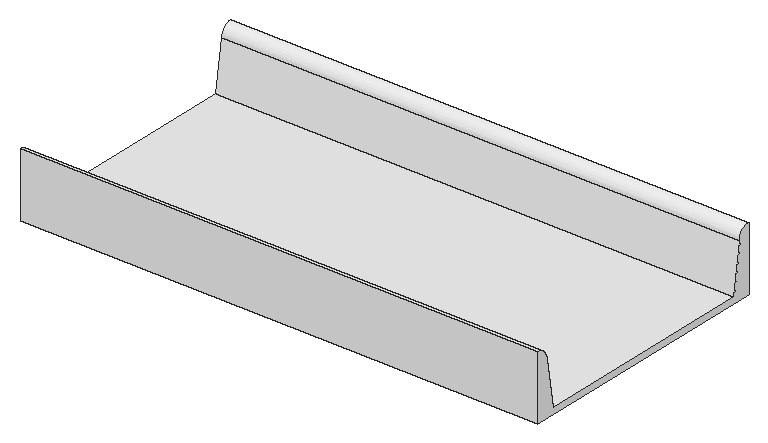
Revit family "M_Enrijecedor Linear-Guia", category Enrijecedores estruturais, Revit 2019
Family settings
  Número OmniClass = 23.25.30.11.27
  Título OmniClass = Vibration and Earthquake Controls
  ID de item do Seek = Linear Stiffener-Channel-0000-CAN-ENU
  Corte com vazios quando carregada = Não
  Compartilhado = Não
Parameters (values of type "C310X30.8")
  x = 17.7 mm
  tw = 7.2 mm
  tf = 12.7 mm
  d = 305 mm
  bf = 74.7 mm
  W = 0.302
  Material de enrijecedor [instance] = Metal - Aço 345 MPa
  built-in parameter 1001306 [instance] = 600 mm
  A = 3920.00 m²
Reference planes
  plane 1 "Centro (Frente/Trás)": y = 19.971
  plane 2: z = 0
  plane 3 "Esquerda": x = 0
  plane 4 "Direita": x = 600
  plane 5: y = 7.271
  plane 6: y = -285.029
  plane 7: z = 7.2
  plane 8: z = 17.7
  plane 9: z = 74.7
  plane 10: y = -132.529
  plane 11: y = -272.329
Forms (mm)
  Sweep 1, solid, material "Metal - Aço 345 MPa" <- "Material de enrijecedor", detail levels fine
    path in 3D
      loop
        line (0, 19.971, 0) -> (600, 19.971, 0)
    profile origin (300, 19.971, 0) x (0, 1, 0) y (0, 0, 1)
      loop
        arc (0, 74.7) -> (-8.98, 70.98) -> (-12.7, 62) r 12.7
        line (-12.7, 62) -> (-21.379, 7.2) -> (-283.621, 7.2) -> (-292.3, 62)
        arc (-292.3, 62) -> (-296.02, 70.98) -> (-305, 74.7) r 12.7
        line (-305, 74.7) -> (-305, 0) -> (0, 0) -> (0, 74.7)
  Sweep 2, solid, material "Metal - Aço 345 MPa" <- "Material de enrijecedor", detail levels medium
    path in 3D
      loop
        line (0, 19.971, 0) -> (600, 19.971, 0)
    profile origin (300, 19.971, 0) x (0, 1, 0) y (0, 0, 1)
      loop
        line (0, 74.7) -> (-12.7, 74.7) -> (-18.605, 7.2) -> (-286.395, 7.2) -> (-292.3, 74.7) -> (-305, 74.7) -> (-305, 0) -> (0, 0) -> (0, 74.7)
Lines and regions (mm)
  reference lines
    curve 1: line (0, 19.971, 0) -> (600, 19.971, 0)
  sketch lines
    curve 2: line (0, 19.971, 0) -> (600, 19.971, 0)
    curve 3: line (0, 19.971, 0) -> (600, 19.971, 0)
Dimensions and locks
  "built-in parameter 1001306": plane 3 "Esquerda" to plane 4 "Direita"
  "tw": plane 7 to plane 2
  "x": plane 8 to plane 2
  "bf": plane 9 to plane 2
  "tf": plane 1 "Centro (Frente/Trás)" to plane 5
  "d": plane 1 "Centro (Frente/Trás)" to plane 6
  equal spacing: plane 1 "Centro (Frente/Trás)", plane 10, plane 6
  "tf": plane 6 to plane 11
  "tf": radius of Sweep 1 sketch curve  (x2)
  locked: plane 5 to Sweep 1 sketch curve (angle 9.00°)
  locked: Sweep 1 sketch curve to plane 11 (angle 9.00°)
  locked: plane 5 to Sweep 2 sketch curve (angle 5.00°)
  locked: Sweep 2 sketch curve to plane 11 (angle 5.00°)
  aligned and locked: plane 4 "Direita" to curve 1
  aligned and locked: plane 1 "Centro (Frente/Trás)" to curve 1
  aligned and locked: plane 3 "Esquerda" to curve 1
  aligned and locked: plane 9 to Sweep 1 sketch curve  (x2)
  aligned and locked: plane 6 to Sweep 1 sketch curve
  aligned and locked: plane 7 to Sweep 1 sketch curve
  aligned and locked: Sweep 2 sketch curve to plane 9
  aligned and locked: plane 9 to Sweep 2 sketch curve  (x2)
  aligned and locked: plane 6 to Sweep 2 sketch curve
  aligned and locked: Sweep 2 sketch curve to plane 7
  aligned and locked: plane 5 to Sweep 2 sketch curve
  aligned and locked: plane 11 to Sweep 2 sketch curve
Automatic sketch dimensions
  Sweep 2 sketch curve to profile plane = 0 mm  (x2)
  Sweep 1 sketch curve to profile plane = 0 mm  (x2)
Types in the file's own list only (30): name | x | tw | tf | d | bf | W | A
  C380X74 | 20 mm | 18 mm | 17 mm | 381 mm | 94 mm | 0.73 | 0.01 m²
  C380X60 | 20 mm | 13 mm | 17 mm | 381 mm | 89 mm | 0.584 | 0.01 m²
  C380X50.4 | 20 mm | 10 mm | 17 mm | 381 mm | 86 mm | 0.495 | 0.01 m²
  C310X45 | 17 mm | 13 mm | 13 mm | 305 mm | 81 mm | 0.438 | 0.01 m²
  C310X37 | 17 mm | 10 mm | 13 mm | 305 mm | 77 mm | 0.365 | 0.00 m²
  C250X45 | 17 mm | 17 mm | 11 mm | 254 mm | 77 mm | 0.438 | 0.01 m²
  C250X37 | 16 mm | 13 mm | 11 mm | 254 mm | 73 mm | 0.365 | 0.00 m²
  C250X30 | 15 mm | 10 mm | 11 mm | 254 mm | 70 mm | 0.292 | 0.00 m²
  C250X22.8 | 16 mm | 6 mm | 11 mm | 254 mm | 66 mm | 0.223 | 0.00 m²
  C230X30 | 15 mm | 11 mm | 11 mm | 229 mm | 67 mm | 0.292 | 0.00 m²
  C230X22 | 15 mm | 7 mm | 11 mm | 229 mm | 63 mm | 0.219 | 0.00 m²
  C230X19.9 | 15 mm | 6 mm | 11 mm | 229 mm | 62 mm | 0.196 | 0.00 m²
  C200X27.9 | 14 mm | 12 mm | 10 mm | 203 mm | 64 mm | 0.274 | 0.00 m²
  C200X20.5 | 14 mm | 8 mm | 10 mm | 203 mm | 60 mm | 0.201 | 0.00 m²
  C200X17.1 | 15 mm | 6 mm | 10 mm | 203 mm | 57 mm | 0.168 | 0.00 m²
  C180X22 | 14 mm | 11 mm | 9 mm | 178 mm | 58 mm | 0.215 | 0.00 m²
  C180X18.2 | 13 mm | 8 mm | 9 mm | 178 mm | 56 mm | 0.179 | 0.00 m²
  C180X14.6 | 14 mm | 5 mm | 9 mm | 178 mm | 53 mm | 0.143 | 0.00 m²
  C150X19.3 | 13 mm | 11 mm | 9 mm | 152 mm | 55 mm | 0.19 | 0.00 m²
  C150X15.6 | 13 mm | 8 mm | 9 mm | 152 mm | 52 mm | 0.153 | 0.00 m²
  C150X12.2 | 13 mm | 5 mm | 9 mm | 152 mm | 49 mm | 0.12 | 0.00 m²
  C130X13 | 12 mm | 8 mm | 8 mm | 127 mm | 48 mm | 0.131 | 0.00 m²
  C130X10.4 | 12 mm | 5 mm | 8 mm | 127 mm | 45 mm | 0.098 | 0.00 m²
  C100X10.8 | 12 mm | 8 mm | 8 mm | 102 mm | 44 mm | 0.106 | 0.00 m²
  C100X8 | 12 mm | 5 mm | 8 mm | 102 mm | 40 mm | 0.079 | 0.00 m²
  C100X6.7 | 13 mm | 3 mm | 8 mm | 102 mm | 40 mm | 0.066 | 0.00 m²
  C75X8.9 | 12 mm | 9 mm | 7 mm | 76 mm | 41 mm | 0.088 | 0.00 m²
  C75X7.4 | 11 mm | 7 mm | 7 mm | 76 mm | 38 mm | 0.073 | 0.00 m²
  C75X6.1 | 11 mm | 4 mm | 7 mm | 76 mm | 36 mm | 0.06 | 0.00 m²
  C75X5.2 | 11 mm | 3 mm | 7 mm | 76 mm | 35 mm | 0.051 | 0.00 m²
